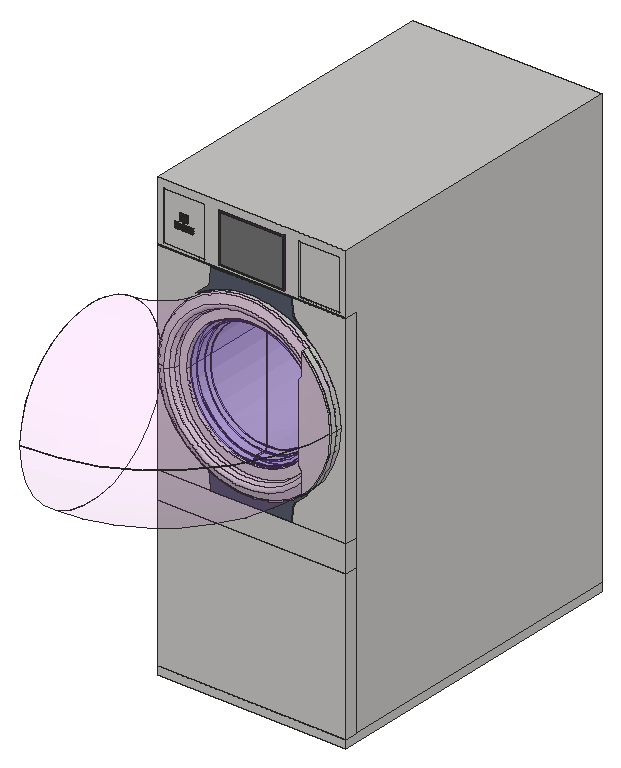
Revit family "QF_ELECTROLUXPROFESSIONAL_1LSNSR_TD6-16_S", category Attrezzature speciali, Revit 2021
Family settings
  Quota connettore circolare = Usa diametro
  Tipo di parte = Normale
  Basato su piano di lavoro = No
  Sempre verticale = Sì
  Taglio con vuoti quando caricato = No
  Condiviso = No
  Punto di calcolo locali = No
Parameters (values of type "9872230052")
  Weight = 203
  Watts = 800 W
  Volts = 230 V
  URL = "www.electroluxprofessional.com"
  Steam Supply Size [instance] = 25 mm
  Steam Supply Minimum Pressure [instance] = 100.0 Pa
  Steam Supply Maximum Pressure [instance] = 1000.0 Pa
  Steam Pounds per Hour = 41
  Steam Consumption per Hour [instance] = "41.0"
  Show Logo [instance] = yes
  Show Clearance [instance] = yes
  Sensible Heat Output = "0.0"
  Prospetto di default = 0 mm
  Produttore = "Electrolux Professional"
  Phase = 1
  Modello = "TD6-16"
  Length Actual = 715 mm
  Latent Heat Output = "0.0"
  Item Number = "1LSPBL"
  Height Actual = 1690 mm
  Gas KW = 0
  Descrizione = "TUMBLE DRYER TD6-16 16KG GALVA.DRUM STEAM 25KW 230/50/1 COMPASS PRO 6G81 SLVR/SLVR DO.RIGHT REV MB DISCON DMPR"
  Depth Actual = 1360 mm
  Cycle = 50 Hz
  Corrente [instance] = "3.8"
  Condensate Return Size [instance] = 25 mm
Types (4, lengths in mm): name | Volts | Phase | Item Number | Descrizione | Corrente
  (no name) | 230 V | 1 | "1LSPBL" | "TUMBLE DRYER TD6-16 16KG GALVA.DRUM STEAM 25KW 230/50/1 COMPASS PRO 6G81 SLVR/SLVR DO.RIGHT REV MB DISCON DMPR" | "3.8"
  9872230022 | 240 V | 1 | "1L0G4E" | "TUMBLE DRYER TD6-16 16KG GALVA.DRUM STEAM 25KW 240/50/1 COMPASS PRO 6G81 SLVR/SLVR DO.RIGHT REV MB STOP DMPR" | "3.8"
  9872230053 | 415 V | 3 | "1L0GFW" | "TUMBLE DRYER TD6-16 16KG GALVA.DRUM STEAM 25KW 380-415/50/3N COMPASS PRO 6G82 SLVR/SLVR DO.RIGHT REV DISCON DMPR" | "1.5"
  9872230052 | 230 V | 1 | "1LSPBL" | "TUMBLE DRYER TD6-16 16KG GALVA.DRUM STEAM 25KW 230/50/1 COMPASS PRO 6G81 SLVR/SLVR DO.RIGHT REV MB DISCON DMPR" | "3.8"
Reference planes
  plane 1: z = 0
  plane 2 "BACK": y = 652.5
  plane 3 "FRONT": y = -707.5
  plane 4 "LEFT": x = -799
  plane 5 "RIGHT": x = -84
  plane 6 "TOP": z = 1690
  plane 7: z = 544
  plane 8: y = 502.5
  plane 9 "Centro (Sinistra/Destra)": x = -441.5
  plane 10 "Center X": y = -102.5
Forms (mm)
  Extrusion 1, solid, material "QF_Finishes_Stainless Steel"
    sketch origin (718.1, -398.1, 598.796) x (0, 0, -1) y (0, 1, 0)
      loop
        line (568.796, 900.6) -> (-860.204, 900.6) -> (-860.204, -265.453) -> (568.796, -265.453) -> (568.796, 900.6)
    from -1517.1 to -802.1
  Sweep 2, solid, material "QF_Finishes_Black"
    path origin (647.309, -705.9, 1603.42) x (0, 0, -1) y (1, 0, 0)
      loop
        line (131.445, -962.809) -> (-57.647, -962.809) -> (-57.647, -1214.809) -> (131.445, -1214.809) -> (131.445, -962.809)
    profile origin (-315.5, -705.9, 1566.521) x (-1, 0, 0) y (0, -1, 0)
      loop
        line (5, 0) -> (5, 5)
        arc (5, 5) -> (1.464, 3.536) -> (0, 0) r 5
        line (0, 0) -> (5, 0)
  Extrusion 3, solid, material "QF_Finishes_Dark Grey"
    sketch origin (647.309, -705.9, 1603.42) x (0, 0, -1) y (1, 0, 0)
      loop
        line (126.445, -1209.809) -> (126.445, -967.809) -> (-52.647, -967.809) -> (-52.647, -1209.809) -> (126.445, -1209.809)
    from 0 to 4
  Extrusion 4, void
    sketch origin (889, -667.06, 1147.91) x (0, 0, -1) y (1, 0, 0)
      loop
        circle (69.994, -1331.5) r 245
    from -451.9 to 89.4
  Extrusion 5, solid, material "QF_Finishes_Stainless Steel"
    sketch origin (758.278, 502.5, 380.233) x (0, 0, 1) y (1, 0, 0)
      loop
        circle (1014.767, -897.278) r 15.184
    from 0 to 5.231
  Extrusion 6, solid, material "QF_Finishes_Stainless Steel"
    sketch origin (618.455, 502.5, 97.018) x (0, 0, 1) y (1, 0, 0)
      loop
        circle (67.982, -1277.455) r 15
    from 0 to 5
  Extrusion 7, solid, material "QF_Finishes_Stainless Steel"
    sketch origin (-499, 0, -81) x (0, 1, 0) y (0, 0, 1)
      loop
        line (502.5, 1540) -> (502.5, 1771) -> (-707.5, 1771) -> (-707.5, 1541.816)
        arc (-707.5, 1541.816) -> (-706.968, 1540.532) -> (-705.684, 1540) r 1.816
        line (-705.684, 1540) -> (502.5, 1540)
    from -300 to 415
  Extrusion 8, solid, material "QF_Finishes_Stainless Steel"
    sketch origin (0, 0, 1114.3) x (-1, 0, 0) y (0, -1, 0)
      loop
        line (799, -502.5) -> (799, 707.5) -> (84, 707.5) -> (84, -502.5) -> (799, -502.5)
    from -1114.3 to -1084.3
  Extrusion 9, solid, material "QF_Finishes_Stainless Steel"
    sketch origin (-499, -268.96, 0) x (0, 1, 0) y (0, 0, 1)
      loop
        line (-394.593, 1459) -> (-438.54, 1459) -> (-438.54, 693.302) -> (-394.593, 693.302) -> (-394.593, 1459)
    from -300 to 415
  Extrusion 10, solid, material "QF_Finishes_Stainless Steel"
    sketch origin (-499, -268.96, -20.198) x (0, 1, 0) y (0, 0, 1)
      loop
        line (-438.54, 713.5) -> (-438.54, 613.5) -> (-394.593, 613.5) -> (-394.593, 713.5) -> (-438.54, 713.5)
    from -300 to 415
  Extrusion 11, solid, material "QF_Finishes_Stainless Steel"
    sketch origin (-499, -268.96, 0) x (0, 1, 0) y (0, 0, 1)
      loop
        line (-394.593, 593.302) -> (-438.54, 593.302) -> (-438.54, 30) -> (-394.593, 30) -> (-394.593, 593.302)
    from -300 to 415
  Sweep 12, solid, material "QF_Finishes_Stainless Steel"
    path origin (-409, -707.5, 1396.139) x (0, 0, -1) y (1, 0, 0)
      loop
        circle (318.576, -33.5) r 337.5
    profile origin (-442.5, -707.5, 1415.062) x (0, 0, -1) y (0, -1, 0)
      loop
        line (0, 0) -> (60.401, 0)
        arc (60.401, 0) -> (59.825, 6.814) -> (57.535, 13.257) r 26.651
        line (57.535, 13.257) -> (49.537, 28.994)
        arc (49.537, 28.994) -> (42.511, 35.32) -> (33.058, 35.302) r 13.156
        line (33.058, 35.302) -> (4.309, 24.168)
        arc (4.309, 24.168) -> (1.18, 21.691) -> (0, 17.88) r 6.744
        line (0, 17.88) -> (0, 0)
  Revolve 13, solid, material "QF_Finishes_Glass"
    sketch origin (-444, -439.313, 506.582) x (0, 1, 0) y (0, 0, 1)
      loop
        arc (-190.673, 783.338) -> (-195.066, 793.945) -> (-205.673, 798.338) r 15
        line (-205.673, 798.338) -> (-244.95, 798.338)
        arc (-244.95, 798.338) -> (-252.021, 801.267) -> (-254.95, 808.338) r 10
        line (-254.95, 808.338) -> (-254.95, 816.338) -> (-259.95, 816.338) -> (-259.95, 808.338)
        arc (-259.95, 808.338) -> (-255.556, 797.732) -> (-244.95, 793.338) r 15
        line (-244.95, 793.338) -> (-205.673, 793.338)
        arc (-205.673, 793.338) -> (-198.602, 790.409) -> (-195.673, 783.338) r 10
        line (-195.673, 783.338) -> (-195.673, 570.975) -> (-190.673, 570.975) -> (-190.673, 783.338)
      axis (-259.95, 570.975) -> (-190.673, 570.975)
    angle from 0 to 360
  Extrusion 14, solid, material "QF_Finishes_Blue"
    sketch origin (-538.526, -707.5, 816.193) x (0, 0, 1) y (-1, 0, 0)
      loop
        arc (594.486, 60.933) -> (579.244, 65.533) -> (566.695, 75.331) r 43.3
        line (566.695, 75.331) -> (532.276, 114.098)
        arc (532.276, 114.098) -> (598.87, -96.026) -> (532.82, -306.322) r 366.295
        line (532.82, -306.322) -> (566.695, -268.167)
        arc (566.695, -268.167) -> (579.244, -258.37) -> (594.486, -253.77) r 43.3
        line (594.486, -253.77) -> (642.075, -248.6) -> (642.075, 55.764) -> (594.486, 60.933)
    from 0 to 1.6
  Extrusion 15, solid, material "QF_Finishes_Blue"
    sketch origin (-538.526, -707.5, 873.783) x (0, 0, 1) y (-1, 0, 0)
      loop
        line (-129.403, 60.926) -> (-176.925, 55.764) -> (-176.925, -248.6) -> (-129.403, -253.763)
        arc (-129.403, -253.763) -> (-114.123, -258.355) -> (-101.544, -268.169) r 43.3
        line (-101.544, -268.169) -> (-67.127, -306.934) -> (-59.705, -306.934)
        arc (-59.705, -306.934) -> (-133.72, -96.528) -> (-60.331, 114.098) r 337.5
        line (-60.331, 114.098) -> (-67.127, 114.098) -> (-101.544, 75.332)
        arc (-101.544, 75.332) -> (-114.123, 65.518) -> (-129.403, 60.926) r 43.3
    from 0 to 1.6
  Extrusion 16, solid, material "QF_Finishes_Stainless Steel"
    sketch origin (-344.419, -707.5, 1396.139) x (0, 0, -1) y (1, 0, 0)
      loop
        line (176.622, 119.08) -> (460.53, 119.08)
        arc (460.53, 119.08) -> (462.936, 119.45) -> (465.119, 120.527) r 8
        line (465.119, 120.527) -> (479.01, 130.253)
        arc (479.01, 130.253) -> (481.193, 131.33) -> (483.599, 131.7) r 8
        line (483.599, 131.7) -> (565.106, 132.416)
        arc (565.106, 132.416) -> (452.97, 211.506) -> (318.617, 239.419) r 337.5
        arc (318.617, 239.419) -> (184.232, 211.528) -> (72.064, 132.435) r 337.5
        line (72.064, 132.435) -> (153.554, 131.7)
        arc (153.554, 131.7) -> (155.934, 131.338) -> (158.099, 130.284) r 8
        line (158.099, 130.284) -> (172.033, 120.527)
        arc (172.033, 120.527) -> (174.216, 119.45) -> (176.622, 119.08) r 8
    from 44.672 to 48.96
  Extrusion 17, solid, material "QF_Finishes_Stainless Steel"
    sketch origin (-344.419, -756.46, 1396.139) x (0, 0, -1) y (1, 0, 0)
      loop
        line (72.064, 132.435) -> (85.942, 132.435)
        arc (85.942, 132.435) -> (192.574, 204.21) -> (318.616, 229.419) r 327.5
        arc (318.616, 229.419) -> (444.627, 204.189) -> (551.229, 132.416) r 327.5
        line (551.229, 132.416) -> (565.106, 132.416)
        arc (565.106, 132.416) -> (452.97, 211.506) -> (318.617, 239.419) r 337.5
        arc (318.617, 239.419) -> (184.232, 211.528) -> (72.064, 132.435) r 337.5
    from -4.287 to -26.937
  Extrusion 18, void
    sketch origin (-499, -707.5, 812.425) x (0, 0, -1) y (-1, 0, 0)
      loop
        line (-848.642, 277.283) -> (-848.642, 122.283) -> (-659.55, 122.283) -> (-659.55, 277.283) -> (-848.642, 277.283)
      loop
        line (-848.642, -392.283) -> (-659.55, -392.283) -> (-659.55, -237.283) -> (-848.642, -237.283) -> (-848.642, -392.283)
    from 0 to 1.6
  Revolve 19, solid, material "QF_Door-Drawer Clearances", visible <- "Show Clearance"
    sketch origin (-1732, -707.5, 1147.557) x (0, 0, -1) y (1, 0, 0)
      loop
        circle (69.994, 1289.5) r 337.5
      axis (69.994, 952) -> (68.994, 952)
    angle from 0 to -90
  Extrusion 20, solid, material "QF_Finishes_Stainless Steel"
    sketch origin (-499, -707.5, 812.425) x (0, 0, 1) y (-1, 0, 0)
      loop
        line (532.575, 150) -> (-167.425, 150) -> (-167.425, -265) -> (532.575, -265) -> (532.575, 150)
    from -1210 to -1360
  Extrusion 21, solid, material "QF_Finishes_Stainless Steel"
    sketch origin (453.278, 652.5, -319.767) x (0, 0, 1) y (1, 0, 0)
      loop
        circle (1014.767, -897.278) r 15.184
    from 0 to 5.231
  Extrusion 22, solid, material "QF_Finishes_Stainless Steel"
    sketch origin (453.278, 652.5, 285.233) x (0, 0, 1) y (1, 0, 0)
      loop
        circle (1014.767, -897.278) r 15.184
    from 0 to 5.231
Cuts and joins
  Extrusion 4, Extrusion 18 cuts Extrusion 1
  Extrusion 4, Extrusion 18 cuts Extrusion 7
  joined: Extrusion 1, Extrusion 7
  Extrusion 4 cuts Extrusion 9
Lines and regions (mm)
  symbolic lines
    curve 1: line (-84, 502.5, 1690) -> (-799, 502.5, 1690)
    curve 2: line (-799, -707.5, 1690) -> (-84, -707.5, 1690)
    curve 3: line (-84, 502.5, 0) -> (-84, -707.5, 0)
    curve 4: line (-799, 502.5, 0) -> (-799, -707.5, 0)
    curve 5: line (-649, 652.5, 0) -> (-649, 502.5, 0)
    curve 6: line (-234, 652.5, 0) -> (-649, 652.5, 0)
    curve 7: line (-234, 502.5, 0) -> (-234, 652.5, 0)
  symbolic lines, style "QF_Door-Drawer Clearances"
    curve 8: line (-780, -1382.19, 0) -> (-780, -707.5, 0)
    curve 9: arc (-780, -1382.19, 0) -> (-302.922, -1184.578, 0) -> (-105.31, -707.5, 0) r 674.69
Dimensions and locks
  plane 4 "LEFT" to plane 5 "RIGHT" = 715 mm  (x2)
  plane 2 "BACK" to plane 3 "FRONT" = 1360 mm  (x3)
  plane 6 "TOP" to level = 1690 mm
  plane 3 "FRONT" to plane 2 "BACK" = 1360 mm
  Extrusion 6 sketch curve to plane 4 "LEFT" = 140 mm
  Extrusion 8 to Extrusion 6 sketch curve = 165 mm
  Extrusion 15 to level = 740.062 mm
  plane 2 "BACK" to plane 8 = 150 mm
  aligned and locked: level to plane 1
  aligned and locked: Extrusion 1 to plane 4 "LEFT"
  aligned and locked: plane 5 "RIGHT" to Extrusion 1
  aligned and locked: plane 5 "RIGHT" to Extrusion 7
  aligned and locked: Extrusion 7 to plane 4 "LEFT"
  aligned and locked: plane 5 "RIGHT" to Extrusion 11
  aligned and locked: Extrusion 11 to plane 4 "LEFT"
  aligned and locked: Extrusion 10 to plane 4 "LEFT"
  aligned and locked: plane 5 "RIGHT" to Extrusion 10
  aligned and locked: Extrusion 9 to plane 4 "LEFT"
  aligned and locked: plane 5 "RIGHT" to Extrusion 9
  aligned and locked: Extrusion 16 to Extrusion 17
Nested families
  nested 1: "ELX_Logo_Professional" at (-698.783, -705.9, 1566.067) x (1, 0, 0) z (0, -1, 0), type "ELX_Logo_Professional"
Connectors
  piping at (-659, 507.5, 165), diameter 30
    settings: on Extrusion 6, index 3, connector inside diameter 609.6 mm, connector length 0 mm, flow factor 0, pipe flow 0.0 L/s, pressure drop 0.0 Pa, fitting loss kfactor 0, connector angle 0.00°, fixture units 0, engagement length 0 mm, angle of deflection 0.00°, flow configuration 1, flow direction 2, fitting loss method 0, system type 8, joint type 0, gender type 0, connector reference index -1, connector utility 0, adjustable connector no, is connector primary yes, connector description "Exhaust Connection"
  electrical at (-139, 507.731, 1395)
    settings: on Extrusion 5, index 4, voltage 0 V, apparent load 0 VA, apparent load phase1 0 VA, apparent load phase2 0 VA, apparent load phase3 0 VA, power factor 1, load classification "Other", number of poles 1, system type 30, power factor state 1, is connector primary yes, connector utility no, sub classification motor no, connector description "Electrical Connection"
  piping at (-444, 657.731, 1300), diameter 30.4
    settings: on Extrusion 22, index 5, connector inside diameter 609.6 mm, connector length 0 mm, flow factor 0, pipe flow 0.0 L/s, pressure drop 0.0 Pa, fitting loss kfactor 0, connector angle 0.00°, fixture units 0, engagement length 0 mm, angle of deflection 0.00°, flow configuration 0, flow direction 1, fitting loss method 0, system type 7, joint type 0, gender type 0, connector reference index -1, connector utility 0, adjustable connector no, is connector primary no, connector description "Steam connection"
  piping at (-444, 657.731, 695), diameter 30.4
    settings: on Extrusion 21, index 6, connector inside diameter 609.6 mm, connector length 0 mm, flow factor 0, pipe flow 0.0 L/s, pressure drop 0.0 Pa, fitting loss kfactor 0, connector angle 0.00°, fixture units 0, engagement length 0 mm, angle of deflection 0.00°, flow configuration 0, flow direction 2, fitting loss method 0, system type 8, joint type 0, gender type 0, connector reference index -1, connector utility 0, adjustable connector no, is connector primary no, connector description "Condensate connection"
Definition of nested family "ELX_Logo_Professional"
  Parameters (values of type "ELX_Logo_Professional")
    materiale = none
    Default Elevation = 0 mm
  Reference planes
    plane 1 "Centro (Fronte/Retro)": y = 0
    plane 2: z = 0
    plane 3 "Centro (Sinistra/Destra)": x = 0
  Forms (mm)
    Extrusion 1, solid
      sketch origin (0, 0, 0) x (1, 0, 0) y (0, 1, 0)
        loop
          line (-1219.2, 1219.2) -> (-1219.2, -1219.2) -> (1219.2, -1219.2) -> (1219.2, 1219.2) -> (-1219.2, 1219.2)
      from 0 to -304.8
    Extrusion 2, solid, material <- "materiale"
      sketch origin (-144.622, -1081.55, 0) x (-1, 0, 0) y (0, -1, 0)
        loop
          line (-130.265, -1113.361) -> (-130.265, -1084.645) -> (-158.979, -1084.645) -> (-158.979, -1113.361) -> (-130.265, -1113.361)
        loop
          arc (-146.24, -1106.937) -> (-147.076, -1109.166) -> (-147.324, -1111.534) r 9.395
          arc (-147.324, -1111.534) -> (-145.139, -1111.806) -> (-142.939, -1111.706) r 13.008
          line (-142.939, -1111.706) -> (-141.329, -1111.382) -> (-139.8, -1110.859) -> (-138.364, -1110.152) -> (-137.035, -1109.277) -> (-135.826, -1108.249) -> (-134.751, -1107.081) -> (-133.821, -1105.789) -> (-133.05, -1104.389) -> (-132.452, -1102.893) -> (-132.039, -1101.318) -> (-131.824, -1099.675) -> (-134.539, -1099.675) -> (-136.155, -1099.784) -> (-137.741, -1100.101) -> (-139.277, -1100.613) -> (-140.74, -1101.304) -> (-142.111, -1102.159) -> (-143.367, -1103.165) -> (-144.488, -1104.306) -> (-145.453, -1105.568) -> (-146.24, -1106.937)
        loop
          line (-148.67, -1086.844) -> (-150.173, -1087.464) -> (-151.57, -1088.253) -> (-152.847, -1089.196) -> (-153.992, -1090.281) -> (-154.994, -1091.494) -> (-155.841, -1092.821) -> (-156.519, -1094.25) -> (-157.018, -1095.766) -> (-157.324, -1097.357) -> (-157.427, -1099.009) -> (-157.315, -1100.685) -> (-156.998, -1102.296) -> (-156.488, -1103.827) -> (-155.799, -1105.265) -> (-154.946, -1106.596) -> (-153.94, -1107.806) -> (-152.796, -1108.882) -> (-151.528, -1109.81) -> (-150.148, -1110.576) -> (-148.67, -1111.167) -> (-148.67, -1086.844)
        loop
          arc (-147.323, -1086.473) -> (-147.041, -1088.83) -> (-146.239, -1091.065) r 10.532
          line (-146.239, -1091.065) -> (-145.452, -1092.432) -> (-144.488, -1093.693) -> (-143.367, -1094.833) -> (-142.111, -1095.838) -> (-140.741, -1096.693) -> (-139.278, -1097.383) -> (-137.743, -1097.894) -> (-136.157, -1098.211) -> (-134.541, -1098.32) -> (-131.822, -1098.32) -> (-131.976, -1096.81) -> (-132.312, -1095.353) -> (-132.818, -1093.961) -> (-133.481, -1092.644) -> (-134.291, -1091.416) -> (-135.235, -1090.288) -> (-136.302, -1089.272) -> (-137.48, -1088.379) -> (-138.757, -1087.622) -> (-140.121, -1087.012) -> (-141.56, -1086.561) -> (-143.063, -1086.281) -> (-144.633, -1086.183)
          arc (-144.633, -1086.183) -> (-145.985, -1086.264) -> (-147.323, -1086.473) r 14.39
        loop
          line (-111.329, -1069.559) -> (-111.329, -1071.073) -> (-116.048, -1071.073) -> (-116.048, -1072.896) -> (-111.328, -1072.896) -> (-111.328, -1075.549) -> (-116.349, -1075.549) -> (-116.349, -1077.368) -> (-109.396, -1077.368) -> (-109.396, -1073.46) -> (-109.396, -1069.659)
          arc (-109.396, -1069.659) -> (-110.425, -1067.175) -> (-112.909, -1066.146) r 3.513
          line (-112.909, -1066.146) -> (-116.483, -1066.146) -> (-116.483, -1067.963) -> (-112.925, -1067.963)
          arc (-112.925, -1067.963) -> (-111.797, -1068.431) -> (-111.329, -1069.559) r 1.596
        loop
          line (-119.79, -1077.358) -> (-117.856, -1077.358) -> (-117.856, -1072.053) -> (-117.856, -1066.132) -> (-119.79, -1066.132) -> (-119.79, -1072.092) -> (-119.79, -1077.358)
        loop
          line (-122.986, -1069.718) -> (-129.327, -1069.718)
          arc (-129.327, -1069.718) -> (-129.219, -1071.449) -> (-128.497, -1073.026) r 4.757
          arc (-128.497, -1073.026) -> (-125.237, -1074.5) -> (-121.978, -1073.026) r 4.34
          arc (-121.978, -1073.026) -> (-121.072, -1070.207) -> (-121.978, -1067.388) r 4.838
          arc (-121.978, -1067.388) -> (-125.393, -1065.933) -> (-128.809, -1067.388) r 4.737
          line (-128.809, -1067.388) -> (-127.645, -1068.52)
          arc (-127.645, -1068.52) -> (-125.509, -1067.576) -> (-123.374, -1068.52) r 2.888
          arc (-123.374, -1068.52) -> (-123.05, -1069.077) -> (-122.986, -1069.718) r 1.527
        loop
          arc (-127.386, -1071.076) -> (-126.67, -1072.331) -> (-125.331, -1072.872) r 2.201
          arc (-125.331, -1072.872) -> (-123.848, -1072.402) -> (-123.033, -1071.076) r 2.23
          line (-123.033, -1071.076) -> (-127.386, -1071.076)
        loop
          line (-136.862, -1071.886) -> (-138.059, -1073.132)
          arc (-138.059, -1073.132) -> (-130.327, -1070.219) -> (-138.059, -1067.306) r 4.415
          line (-138.059, -1067.306) -> (-136.862, -1068.553)
          arc (-136.862, -1068.553) -> (-132.252, -1070.22) -> (-136.862, -1071.886) r 2.606
        loop
          line (-141.192, -1069.673) -> (-141.192, -1072.494) -> (-142.951, -1072.494) -> (-142.951, -1074.25) -> (-141.195, -1074.25) -> (-141.195, -1077.358) -> (-139.262, -1077.358) -> (-139.262, -1073.332) -> (-139.262, -1069.514)
          arc (-139.262, -1069.514) -> (-140.299, -1066.92) -> (-142.98, -1066.132) r 3.196
          line (-142.98, -1066.132) -> (-142.987, -1067.949)
          arc (-142.987, -1067.949) -> (-141.652, -1068.356) -> (-141.192, -1069.673) r 1.542
        loop
          line (-146.494, -1073.042) -> (-146.494, -1074.25) -> (-144.576, -1074.25) -> (-144.576, -1070.271) -> (-144.576, -1066.132) -> (-146.494, -1066.132) -> (-146.494, -1070.401)
          arc (-146.494, -1070.401) -> (-147.446, -1072.228) -> (-149.489, -1072.494) r 2.229
          line (-149.489, -1072.494) -> (-149.489, -1074.362)
          arc (-149.489, -1074.362) -> (-147.761, -1074.226) -> (-146.494, -1073.042) r 2.627
        loop
          line (-159.833, -1072.246) -> (-159.833, -1066.131) -> (-161.767, -1066.131) -> (-161.767, -1072.17) -> (-161.767, -1077.359) -> (-159.833, -1077.359) -> (-159.833, -1072.246)
        loop
          line (-165.194, -1069.514) -> (-165.194, -1074.25) -> (-163.245, -1074.25) -> (-163.245, -1071.898) -> (-163.245, -1069.098)
          arc (-163.245, -1069.098) -> (-166.96, -1065.769) -> (-170.687, -1069.085) r 3.745
          line (-170.687, -1069.085) -> (-170.687, -1071.898) -> (-170.687, -1074.25) -> (-168.739, -1074.25) -> (-168.739, -1069.514)
          arc (-168.739, -1069.514) -> (-166.967, -1067.742) -> (-165.194, -1069.514) r 1.772
        loop
          line (-174.654, -1070.416) -> (-172.975, -1068.078) -> (-171.578, -1066.131) -> (-173.656, -1066.131) -> (-175.717, -1068.999) -> (-177.779, -1066.131) -> (-179.857, -1066.131) -> (-178, -1068.728) -> (-176.781, -1070.433) -> (-178.29, -1072.488) -> (-179.583, -1074.25) -> (-177.473, -1074.25) -> (-175.717, -1071.818) -> (-173.945, -1074.25) -> (-171.852, -1074.25) -> (-173.052, -1072.608) -> (-174.654, -1070.416)
        loop
          circle (-154.223, -1070.188) r 2.508
        loop
          circle (-154.223, -1070.188) r 4.42
        loop
          line (-110.224, -1058.542) -> (-111.194, -1058.542)
          arc (-111.194, -1058.542) -> (-112.217, -1059.95) -> (-110.924, -1061.114) r 1.3
          line (-110.924, -1061.114) -> (-109.424, -1061.114) -> (-109.424, -1057.223) -> (-110.224, -1057.223) -> (-110.224, -1058.542)
        loop
          line (-110.224, -1060.379) -> (-110.224, -1059.293) -> (-111.03, -1059.293)
          arc (-111.03, -1059.293) -> (-111.43, -1059.836) -> (-111.03, -1060.379) r 0.569
          line (-111.03, -1060.379) -> (-110.224, -1060.379)
        loop
          line (-116.302, -1058.564) -> (-117.128, -1058.564) -> (-117.934, -1057.223) -> (-118.841, -1057.223) -> (-117.833, -1058.884)
          arc (-117.833, -1058.884) -> (-118.214, -1060.282) -> (-117.028, -1061.114) r 1.26
          line (-117.028, -1061.114) -> (-115.503, -1061.114) -> (-115.503, -1057.223) -> (-116.302, -1057.223) -> (-116.302, -1058.564)
        loop
          line (-116.302, -1060.379) -> (-116.302, -1059.293) -> (-117.109, -1059.293)
          arc (-117.109, -1059.293) -> (-117.508, -1059.836) -> (-117.109, -1060.379) r 0.569
          line (-117.109, -1060.379) -> (-116.302, -1060.379)
        loop
          line (-128.923, -1057.223) -> (-129.723, -1057.223) -> (-129.723, -1058.714) -> (-131.187, -1058.714) -> (-131.187, -1059.514) -> (-129.723, -1059.514) -> (-129.723, -1060.314) -> (-131.327, -1060.314) -> (-131.327, -1061.114) -> (-128.923, -1061.114) -> (-128.923, -1057.223)
        loop
          arc (-134.628, -1058.469) -> (-134.992, -1057.588) -> (-135.874, -1057.223) r 1.246
          line (-135.874, -1057.223) -> (-137.13, -1057.223) -> (-137.13, -1058.023) -> (-135.969, -1058.023)
          arc (-135.969, -1058.023) -> (-135.53, -1058.237) -> (-135.427, -1058.714) r 0.558
          line (-135.427, -1058.714) -> (-136.984, -1058.714) -> (-136.984, -1059.514) -> (-135.427, -1059.514) -> (-135.427, -1060.314) -> (-137.092, -1060.314) -> (-137.092, -1061.114) -> (-134.628, -1061.114) -> (-134.628, -1058.469)
        loop
          line (-152.3, -1057.223) -> (-153.1, -1057.223) -> (-153.1, -1061.114) -> (-152.3, -1061.114) -> (-152.3, -1057.223)
        loop
          line (-164.67, -1057.223) -> (-164.67, -1059.67) -> (-166.45, -1057.223) -> (-167.25, -1057.223) -> (-167.25, -1061.114) -> (-166.42, -1061.114) -> (-166.42, -1058.594) -> (-164.64, -1061.114) -> (-163.84, -1061.114) -> (-163.84, -1057.223) -> (-164.67, -1057.223)
        loop
          line (-170.403, -1057.223) -> (-171.262, -1057.223) -> (-171.641, -1058.063) -> (-173.08, -1058.063) -> (-173.459, -1057.223) -> (-174.317, -1057.223) -> (-172.796, -1061.113) -> (-171.996, -1061.113) -> (-170.403, -1057.223)
        loop
          line (-177.493, -1057.223) -> (-179.789, -1057.223) -> (-179.789, -1058.023) -> (-178.293, -1058.023) -> (-178.293, -1061.114) -> (-177.493, -1061.114) -> (-177.493, -1057.223)
        loop
          line (-172.362, -1059.848) -> (-171.945, -1058.83) -> (-172.76, -1058.83) -> (-172.362, -1059.848)
        loop
          circle (-158.484, -1059.145) r 1.288
        loop
          circle (-158.484, -1059.145) r 2.065
        loop
          arc (-146.04, -1058.095) -> (-146.933, -1057.275) -> (-148.145, -1057.245) r 1.725
          arc (-148.145, -1057.245) -> (-148.965, -1058.02) -> (-148.68, -1059.111) r 1.107
          arc (-148.68, -1059.111) -> (-148.103, -1059.465) -> (-147.486, -1059.746) r 5.523
          arc (-147.486, -1059.746) -> (-147.147, -1060.262) -> (-147.708, -1060.52) r 0.407
          arc (-147.708, -1060.52) -> (-148.045, -1060.315) -> (-148.325, -1060.038) r 1.702
          line (-148.325, -1060.038) -> (-149.011, -1060.45)
          arc (-149.011, -1060.45) -> (-148.578, -1060.911) -> (-148.043, -1061.247) r 2.463
          arc (-148.043, -1061.247) -> (-146.373, -1060.466) -> (-147.42, -1058.949) r 1.207
          spline (-147.42, -1058.949) -> (-147.716, -1058.809) -> (-147.932, -1058.678) -> (-148.077, -1058.557) -> (-148.163, -1058.446) -> (-148.198, -1058.347) -> (-148.192, -1058.258) -> (-148.157, -1058.182) -> (-148.102, -1058.118) -> (-148.037, -1058.068) -> (-147.972, -1058.031) -> (-147.917, -1058.008) -> (-147.883, -1058)
          arc (-147.883, -1058) -> (-147.238, -1058.014) -> (-146.759, -1058.446) r 0.925
          line (-146.759, -1058.446) -> (-146.04, -1058.095)
        loop
          arc (-140.18, -1058.095) -> (-141.073, -1057.275) -> (-142.285, -1057.245) r 1.725
          arc (-142.285, -1057.245) -> (-143.106, -1058.02) -> (-142.821, -1059.111) r 1.107
          arc (-142.821, -1059.111) -> (-142.243, -1059.465) -> (-141.627, -1059.746) r 5.523
          arc (-141.627, -1059.746) -> (-141.287, -1060.262) -> (-141.849, -1060.52) r 0.407
          arc (-141.849, -1060.52) -> (-142.185, -1060.315) -> (-142.466, -1060.038) r 1.702
          line (-142.466, -1060.038) -> (-143.151, -1060.45)
          arc (-143.151, -1060.45) -> (-142.719, -1060.911) -> (-142.183, -1061.247) r 2.463
          arc (-142.183, -1061.247) -> (-140.513, -1060.466) -> (-141.56, -1058.949) r 1.207
          spline (-141.56, -1058.949) -> (-141.856, -1058.809) -> (-142.072, -1058.678) -> (-142.218, -1058.557) -> (-142.303, -1058.446) -> (-142.338, -1058.347) -> (-142.333, -1058.258) -> (-142.298, -1058.182) -> (-142.242, -1058.118) -> (-142.177, -1058.068) -> (-142.112, -1058.031) -> (-142.057, -1058.008) -> (-142.023, -1058)
          arc (-142.023, -1058) -> (-141.378, -1058.014) -> (-140.9, -1058.446) r 0.925
          line (-140.9, -1058.446) -> (-140.18, -1058.095)
        loop
          circle (-123.484, -1059.145) r 1.288
        loop
          circle (-123.484, -1059.145) r 2.065
      from 0 to 1.6
  Dimensions and locks
    aligned and locked: plane 2 to Extrusion 1
    aligned and locked: level to Extrusion 1
